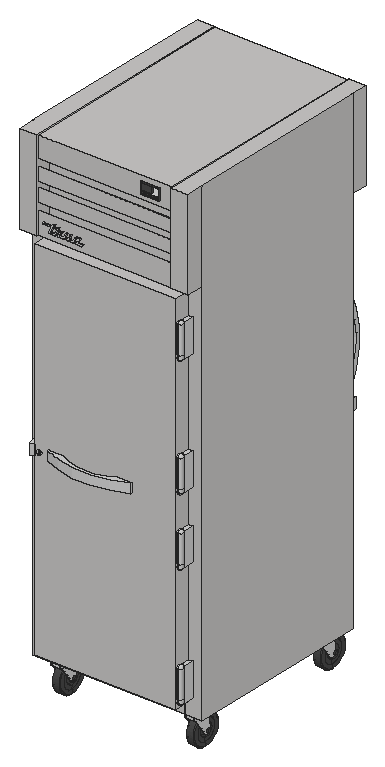
Revit family "QF_TRUE_STG1RPT-1S-1G-HC", category Specialty Equipment, Revit 2012
Parameters
  Weight in Pounds = 0
  Watts = Volts * FL Amps  # 437 W
  Volts = 115 V
  URL Manufacturer = "www.truemfg.com"
  URL Cutsheet = "www.truemfg.com"
  URL = "www.truemfg.com"
  Type Mark [instance] = ""
  Type Comments = "www.truemfg.com"
  Status [instance] = ""
  Specification by User [instance] = ""
  Specification by Manufacturer = ""
  Show Seismic Flanged [instance] = no
  Show Logo [instance] = yes
  Show Legs [instance] = no
  Show Clearance [instance] = yes
  Serial Number = ""
  Seismic Rating = ""
  Seismic Plate [instance] = and(Show Seismic Flanged, not(Show Casters))  # no
  SMACNA No = ""
  Revision Code [instance] = ""
  Phase = 1
  Omniclass Number and Title = ""
  Number of Poles [instance] = 1
  NAFEM Spec ID Number = ""
  Model = "STG1RPT-1S-1G-HC"
  Min Ckt Ampacity = 3.8 A
  Max Overcurrent Protection = 3.8 A
  MasterSpec. = ""
  Manufacturer = "TRUE FOOD SERVICE EQUIPMENT, INC."
  Length = 27 1/2"
  Legs [instance] = or(Show Legs, Show Seismic Flanged)  # no
  Item Number [instance] = ""
  Installed By [instance] = ""
  Identify Quantity as Lot [instance] = yes
  Height = 77 3/4"
  HP = "1/4"
  Furnished By [instance] = ""
  Foodservice Equipment Identifier [instance] = yes
  FL Amps = 3.8 A
  Electrical Remarks [instance] = ""
  Electric Connection Type [instance] = ""
  Elec Conn RI Height [instance] = 0"
  Elec Conn Connection Height [instance] = 0"
  Description = "PASS-THRU SOLID FRONT/GLASS REAR SWING DOORS REFRIGERATOR WITH HYDROCARBON REFRIGERANT WITH LED LIGHTING"
  Depth = 36 1/8"
  Cycle = 60 Hz
  Conn Plug = "5-15P"
  Conn Conduit = yes
  Show Casters [instance] = and(not(if(Show Legs, Show Legs, Show Legs)), not(if(Show Legs, Show Legs, Show Seismic Flanged)))  # yes
  CSI MasterFormat = ""
  CSI Master Format = ""
  Apparent Power = if(Phase = 3, Volts * FL Amps * 1.73, Volts * FL Amps)  # 437 VA
Reference planes (in)
  plane 1: z = 0
  plane 2 "LEFT": x = 0
  plane 3 "RIGHT": x = 27.5
  plane 4 "FRONT": y = -33.75
  plane 5 "TOP": z = 84.125
  plane 6: z = 6.125
  plane 7: y = -33.7042
  plane 8: y = 2.375
  plane 9: y = 4.03125
  plane 10: y = -35.40625
  plane 11: y = -56.78125
  plane 12: y = 25.40625
Forms (in)
  Extrusion 1, solid, material "QF_Finishes_Stainless Steel"
    sketch origin (0.05, 0, 0) x (1, 0, 0) y (0, 1, 0)
      loop
        line (-0.05, -0.375) -> (-0.05, -31) -> (2.80938, -31) -> (2.80938, -0.375) -> (-0.05, -0.375)
    from 6.125 to 84.125
  Extrusion 2, solid, material "QF_Finishes_Stainless Steel"
    sketch origin (50.10312, 0, 0) x (1, 0, 0) y (0, 1, 0)
      loop
        line (-25.4625, -0.375) -> (-25.4625, -31) -> (-22.60312, -31) -> (-22.60312, -0.375) -> (-25.4625, -0.375)
    from 6.125 to 84.125
  Extrusion 3, solid, material "QF_Finishes_Stainless Steel"
    sketch origin (0, 0, 0) x (0, 1, 0) y (0, 0, 1)
      loop
        line (-33.5625, 69.5) -> (-31, 69.5) -> (-31, 64.625) -> (-0.375, 64.625) -> (-0.375, 69.5) -> (2.1875, 69.5) -> (2.1875, 73.29302) -> (-0.15841, 71.625) -> (-0.15841, 72.90057) -> (2.1875, 74.56859) -> (2.1875, 76.6648) -> (-0.15841, 74.99678) -> (-0.15841, 75.95754) -> (2.1875, 77.62556) -> (2.1875, 79.75927) -> (-0.15841, 78.09125) -> (-0.15841, 79.21352) -> (2.1875, 80.88154) -> (2.1875, 84.125) -> (-33.5625, 84.125) -> (-33.5625, 80.68002) -> (-31.5, 79.21352) -> (-31.5, 78.09125) -> (-33.5625, 79.55776) -> (-33.5625, 77.42405) -> (-31.5, 75.95754) -> (-31.5, 74.99678) -> (-33.5625, 76.46328) -> (-33.5625, 74.36708) -> (-31.5, 72.90057) -> (-31.5, 71.625) -> (-33.5625, 73.09151) -> (-33.5625, 69.5)
      loop
        line (-31, 6.125) -> (-0.375, 6.125) -> (-0.375, 8.94743) -> (-31, 8.94743) -> (-31, 6.125)
    from 2.85938 to 24.64063
  Extrusion 4, solid, material "QF_Finishes_Stainless Steel"
    sketch origin (0.10531, 0, 0) x (1, 0, 0) y (0, 1, 0)
      loop
        line (27.34782, -31) -> (24.53532, -31) -> (24.53532, -33.75) -> (27.34782, -33.75) -> (27.34782, -31)
    from 69.5 to 84.125
  Extrusion 5, solid, material "QF_Finishes_Stainless Steel"
    sketch origin (-50.19421, 0, 0.25) x (1, 0, 0) y (0, 1, 0)
      loop
        line (53.05359, -31) -> (50.24109, -31) -> (50.24109, -33.75) -> (53.05359, -33.75) -> (53.05359, -31)
    from 69.25 to 83.875
  Extrusion 6, solid, material "QF_Finishes_Stainless Steel"
    sketch origin (-25.125, 0, -0.71875) x (1, 0, 0) y (0, 0, 1)
      loop
        line (50.34375, 68.6875) -> (27.40625, 68.6875) -> (27.40625, 8.75) -> (50.34375, 8.75) -> (50.34375, 68.6875)
    from 31 to 33.5625
  Extrusion 7, solid, material "QF_Finishes_Handrails and Railings"
    sketch origin (58.4375, -0.0747, 26.3692) x (1, 0, 0) y (0, 1, 0)
      loop
        line (-53.875, -33.4878) -> (-53.875, -33.7)
        arc (-53.875, -33.7) -> (-47.075, -35.33156) -> (-40.275, -33.7) r 14.98624
        line (-40.275, -33.7) -> (-40.275, -33.4878) -> (-42.65351, -33.4878)
        arc (-42.65351, -33.4878) -> (-47.075, -34.84322) -> (-51.49649, -33.4878) r 7.88937
        line (-51.49649, -33.4878) -> (-53.875, -33.4878)
    from 10.87731 to 12.37731
  Extrusion 8, solid, material "QF_Finishes_Handrails and Railings"
    sketch origin (-23.375, 0, -2.25) x (1, 0, 0) y (0, 0, 1)
      loop
        circle (26.4375, 40.0625) r 0.35
      loop
        line (26.47265, 40.33635) -> (26.41715, 40.33635) -> (26.41715, 39.76895) -> (26.47265, 39.76895) -> (26.47265, 40.33635)
    from 33.5625 to 33.625
  Extrusion 9, solid, material "QF_Finishes_Handrails and Railings", visible <- "Show Logo"
    sketch origin (0.33478, 1.08173, -6.73143) x (1, 0, 0) y (0, 0, 1)
      loop
        line (3.46044, 78.46231) -> (3.35478, 78.23573) -> (4.76027, 78.23573)
        arc (4.76027, 78.23573) -> (4.78879, 78.18528) -> (4.76027, 78.13484) r 0.05887
        line (4.76027, 78.13484) -> (4.39369, 77.34872)
        arc (4.39369, 77.34872) -> (4.39051, 77.27591) -> (4.43975, 77.22217) r 0.09523
        line (4.43975, 77.22217) -> (5.33844, 77.22217)
        arc (5.33844, 77.22217) -> (5.45192, 77.25795) -> (5.52436, 77.35235) r 0.19785
        line (5.52436, 77.35235) -> (5.81285, 77.97101) -> (6.0779, 77.97101)
        arc (6.0779, 77.97101) -> (6.14744, 77.94543) -> (6.13737, 77.87203) r 0.05911
        line (6.13737, 77.87203) -> (5.89598, 77.35437)
        arc (5.89598, 77.35437) -> (5.89974, 77.2684) -> (5.97231, 77.22217) r 0.09318
        line (5.97231, 77.22217) -> (6.76198, 77.22217)
        arc (6.76198, 77.22217) -> (6.82249, 77.24419) -> (6.85468, 77.29995) r 0.09412
        arc (6.85468, 77.29995) -> (6.87746, 77.24495) -> (6.93246, 77.22217) r 0.07778
        line (6.93246, 77.22217) -> (7.43246, 77.22217)
        arc (7.43246, 77.22217) -> (7.49022, 77.23765) -> (7.53251, 77.27993) r 0.11552
        arc (7.53251, 77.27993) -> (7.55275, 77.23106) -> (7.60162, 77.21081) r 0.06912
        line (7.60162, 77.21081) -> (8.31225, 77.21081)
        arc (8.31225, 77.21081) -> (8.37034, 77.23488) -> (8.39441, 77.29297) r 0.08216
        arc (8.39441, 77.29297) -> (8.44767, 77.23972) -> (8.52042, 77.22022) r 0.14551
        line (8.52042, 77.22022) -> (9.85158, 77.22022) -> (9.99946, 77.47634) -> (8.65678, 77.47634)
        arc (8.65678, 77.47634) -> (8.61972, 77.50204) -> (8.61834, 77.54711) r 0.05009
        line (8.61834, 77.54711) -> (8.64157, 77.59692)
        arc (8.64157, 77.59692) -> (8.67723, 77.64364) -> (8.73327, 77.66135) r 0.09747
        line (8.73327, 77.66135) -> (9.16485, 77.66135)
        arc (9.16485, 77.66135) -> (9.258, 77.68631) -> (9.32619, 77.7545) r 0.1863
        line (9.32619, 77.7545) -> (9.45119, 77.97101)
        arc (9.45119, 77.97101) -> (9.45119, 78.08657) -> (9.35111, 78.14434) r 0.11556
        line (9.35111, 78.14434) -> (8.89562, 78.14434)
        arc (8.89562, 78.14434) -> (8.7795, 78.12462) -> (8.69849, 78.03912) r 0.18605
        line (8.69849, 78.03912) -> (8.48204, 77.57493)
        arc (8.48204, 77.57493) -> (8.41815, 77.49167) -> (8.31806, 77.46011) r 0.1745
        line (8.31806, 77.46011) -> (7.84559, 77.46011)
        arc (7.84559, 77.46011) -> (7.78903, 77.52184) -> (7.79268, 77.60548) r 0.10939
        line (7.79268, 77.60548) -> (8.04395, 78.14434) -> (7.88403, 78.14434) -> (7.61781, 77.57344)
        arc (7.61781, 77.57344) -> (7.56609, 77.50603) -> (7.48505, 77.48048) r 0.14128
        line (7.48505, 77.48048) -> (7.15925, 77.48048)
        arc (7.15925, 77.48048) -> (7.10419, 77.55223) -> (7.116, 77.64189) r 0.11816
        line (7.116, 77.64189) -> (7.3503, 78.14434) -> (7.18514, 78.14434) -> (6.91546, 77.566)
        arc (6.91546, 77.566) -> (6.85285, 77.50339) -> (6.76733, 77.48048) r 0.17104
        line (6.76733, 77.48048) -> (6.29555, 77.48048)
        arc (6.29555, 77.48048) -> (6.21082, 77.51999) -> (6.20267, 77.61313) r 0.0935
        line (6.20267, 77.61313) -> (6.35774, 77.94569) -> (6.57695, 77.94569)
        arc (6.57695, 77.94569) -> (6.61395, 78.05717) -> (6.69267, 78.14434) r 0.2857
        line (6.69267, 78.14434) -> (5.83605, 78.14434)
        arc (5.83605, 78.14434) -> (5.74086, 78.12324) -> (5.67498, 78.05135) r 0.16212
        line (5.67498, 78.05135) -> (5.44279, 77.55341)
        arc (5.44279, 77.55341) -> (5.3894, 77.50002) -> (5.31647, 77.48048) r 0.14586
        line (5.31647, 77.48048) -> (4.80506, 77.48048)
        arc (4.80506, 77.48048) -> (4.76514, 77.53442) -> (4.77274, 77.60109) r 0.09155
        line (4.77274, 77.60109) -> (5.11018, 78.23573) -> (5.96155, 78.23573) -> (6.06721, 78.46231) -> (5.21584, 78.46231) -> (5.32149, 78.68888) -> (5.01862, 78.68888) -> (4.91297, 78.46231) -> (3.46044, 78.46231)
      loop
        arc (8.83805, 77.93863) -> (8.80119, 77.92875) -> (8.7742, 77.90176) r 0.07373
        line (8.7742, 77.90176) -> (8.75229, 77.83436)
        arc (8.75229, 77.83436) -> (8.76245, 77.80983) -> (8.78699, 77.79966) r 0.0347
        line (8.78699, 77.79966) -> (9.15948, 77.79966)
        arc (9.15948, 77.79966) -> (9.18632, 77.80561) -> (9.20812, 77.82234) r 0.0635
        line (9.20812, 77.82234) -> (9.22624, 77.90622)
        arc (9.22624, 77.90622) -> (9.22091, 77.92868) -> (9.20009, 77.93863) r 0.02676
        line (9.20009, 77.93863) -> (8.83805, 77.93863)
    from 34.64423 to 34.83173
  Extrusion 10, solid
    sketch origin (-25.125, 2.60721, 0) x (1, 0, 0) y (0, 0, 1)
      loop
        circle (49.375, 82) r 0.25
    from 0.23221 to 0.125
  Blend 11, solid, material "QF_Finishes_Handrails and Railings"
    base sketch origin (27.53125, 0, -0.25) x (-1, 0, 0) y (0, 0, -1)
      loop
        line (25.25, -38.99169) -> (26, -38.99169) -> (26, -37.24169) -> (25.25, -37.24169) -> (25.25, -38.99169)
    top sketch origin (27.53125, 0, -0.25) x (-1, 0, 0) y (0, 0, -1)
      loop
        line (26.18223, -36.6441) -> (25.25, -36.6441) -> (25.25, -39.42643) -> (26.18223, -39.42643) -> (26.18223, -36.6441)
    from 33.5625 to 31
  Extrusion 12, solid, material "QF_Finishes_Handrails and Railings"
    sketch origin (26.21875, 0.10979, 0) x (0, 1, 0) y (0, 0, -1)
      loop
        line (-31.10979, -64.55229) -> (-31.10979, -59.23627) -> (-33.25, -59.23627) -> (-33.25, -59.94848) -> (-32.81497, -59.94848) -> (-32.81497, -64.34776)
        arc (-32.81497, -64.34776) -> (-32.75506, -64.49238) -> (-32.61044, -64.55229) r 0.20453
        line (-32.61044, -64.55229) -> (-31.10979, -64.55229)
    from 0.17506 to 1
  Revolve 13, solid, material "QF_Finishes_Handrails and Railings"
    sketch origin (25.71875, 0.10979, 0) x (0, 1, 0) y (0, 0, -1)
      loop
        line (-33.26563, -60.00189) -> (-33.67229, -60.00189) -> (-33.67229, -64.4736)
        arc (-33.67229, -64.4736) -> (-33.53722, -64.72557) -> (-33.26563, -64.81483) r 0.3848
        line (-33.26563, -64.81483) -> (-33.26563, -60.00189)
      loop
        line (-33.26563, -59.94848) -> (-33.26563, -59.04781)
        arc (-33.26563, -59.04781) -> (-33.53264, -59.13383) -> (-33.67229, -59.37712) r 0.38884
        line (-33.67229, -59.37712) -> (-33.67229, -59.94848) -> (-33.26563, -59.94848)
      axis (-33.26563, -59.04781) -> (-33.26563, -64.81483)
    angle from 0 to 360
  Extrusion 14, solid, material "QF_Finishes_Handrails and Railings"
    sketch origin (27.53125, 0.10979, 0) x (-1, 0, 0) y (0, 0, -1)
      loop
        line (1.91491, -64.4736) -> (2.3125, -64.4736) -> (2.3125, -60.00079) -> (1.91491, -60.00079) -> (1.91491, -64.4736)
    from 32.81497 to 33.59495
  Extrusion 15, solid, material "QF_Finishes_Handrails and Railings"
    sketch origin (26.21875, 0.10979, -19.5) x (0, 1, 0) y (0, 0, -1)
      loop
        line (-31.10979, -64.55229) -> (-31.10979, -59.23627) -> (-33.25, -59.23627) -> (-33.25, -59.94848) -> (-32.81497, -59.94848) -> (-32.81497, -64.34776)
        arc (-32.81497, -64.34776) -> (-32.75506, -64.49238) -> (-32.61044, -64.55229) r 0.20453
        line (-32.61044, -64.55229) -> (-31.10979, -64.55229)
    from 0.17506 to 1
  Revolve 16, solid, material "QF_Finishes_Handrails and Railings"
    sketch origin (25.71875, 0.10979, -19.5) x (0, 1, 0) y (0, 0, -1)
      loop
        line (-33.26563, -60.00189) -> (-33.67229, -60.00189) -> (-33.67229, -64.4736)
        arc (-33.67229, -64.4736) -> (-33.53722, -64.72557) -> (-33.26563, -64.81483) r 0.3848
        line (-33.26563, -64.81483) -> (-33.26563, -60.00189)
      loop
        line (-33.26563, -59.94848) -> (-33.26563, -59.04781)
        arc (-33.26563, -59.04781) -> (-33.53264, -59.13383) -> (-33.67229, -59.37712) r 0.38884
        line (-33.67229, -59.37712) -> (-33.67229, -59.94848) -> (-33.26563, -59.94848)
      axis (-33.26563, -59.04781) -> (-33.26563, -64.81483)
    angle from 0 to 360
  Extrusion 17, solid, material "QF_Finishes_Handrails and Railings"
    sketch origin (27.53125, 0.10979, -19.5) x (-1, 0, 0) y (0, 0, -1)
      loop
        line (1.91491, -64.4736) -> (2.3125, -64.4736) -> (2.3125, -60.00079) -> (1.91491, -60.00079) -> (1.91491, -64.4736)
    from 32.81497 to 33.59495
  Extrusion 18, solid, material "QF_Finishes_Handrails and Railings"
    sketch origin (26.21875, 0.10979, -30.5) x (0, 1, 0) y (0, 0, -1)
      loop
        line (-31.10979, -64.55229) -> (-31.10979, -59.23627) -> (-33.25, -59.23627) -> (-33.25, -59.94848) -> (-32.81497, -59.94848) -> (-32.81497, -64.34776)
        arc (-32.81497, -64.34776) -> (-32.75506, -64.49238) -> (-32.61044, -64.55229) r 0.20453
        line (-32.61044, -64.55229) -> (-31.10979, -64.55229)
    from 0.17506 to 1
  Revolve 19, solid, material "QF_Finishes_Handrails and Railings"
    sketch origin (25.71875, 0.10979, -30.5) x (0, 1, 0) y (0, 0, -1)
      loop
        line (-33.26563, -60.00189) -> (-33.67229, -60.00189) -> (-33.67229, -64.4736)
        arc (-33.67229, -64.4736) -> (-33.53722, -64.72557) -> (-33.26563, -64.81483) r 0.3848
        line (-33.26563, -64.81483) -> (-33.26563, -60.00189)
      loop
        line (-33.26563, -59.94848) -> (-33.26563, -59.04781)
        arc (-33.26563, -59.04781) -> (-33.53264, -59.13383) -> (-33.67229, -59.37712) r 0.38884
        line (-33.67229, -59.37712) -> (-33.67229, -59.94848) -> (-33.26563, -59.94848)
      axis (-33.26563, -59.04781) -> (-33.26563, -64.81483)
    angle from 0 to 360
  Extrusion 20, solid, material "QF_Finishes_Handrails and Railings"
    sketch origin (27.53125, 0.10979, -30.5) x (-1, 0, 0) y (0, 0, -1)
      loop
        line (1.91491, -64.4736) -> (2.3125, -64.4736) -> (2.3125, -60.00079) -> (1.91491, -60.00079) -> (1.91491, -64.4736)
    from 32.81497 to 33.59495
  Extrusion 21, solid, material "QF_Finishes_Handrails and Railings"
    sketch origin (26.21875, 0.10979, -50.25) x (0, 1, 0) y (0, 0, -1)
      loop
        line (-31.10979, -64.55229) -> (-31.10979, -59.19743) -> (-33.25, -59.19743) -> (-33.25, -59.94848) -> (-32.81497, -59.94848) -> (-32.81497, -64.34776)
        arc (-32.81497, -64.34776) -> (-32.75506, -64.49238) -> (-32.61044, -64.55229) r 0.20453
        line (-32.61044, -64.55229) -> (-31.10979, -64.55229)
    from 0.17506 to 1
  Revolve 22, solid, material "QF_Finishes_Handrails and Railings"
    sketch origin (25.71875, 0.10979, -50.25) x (0, 1, 0) y (0, 0, -1)
      loop
        line (-33.26563, -60.00189) -> (-33.67229, -60.00189) -> (-33.67229, -64.4736)
        arc (-33.67229, -64.4736) -> (-33.53722, -64.72557) -> (-33.26563, -64.81483) r 0.3848
        line (-33.26563, -64.81483) -> (-33.26563, -60.00189)
      loop
        line (-33.26563, -59.94848) -> (-33.26563, -59.04781)
        arc (-33.26563, -59.04781) -> (-33.53264, -59.13383) -> (-33.67229, -59.37712) r 0.38884
        line (-33.67229, -59.37712) -> (-33.67229, -59.94848) -> (-33.26563, -59.94848)
      axis (-33.26563, -59.04781) -> (-33.26563, -64.81483)
    angle from 0 to 360
  Extrusion 23, solid, material "QF_Finishes_Handrails and Railings"
    sketch origin (27.53125, 0.10979, -50.25) x (-1, 0, 0) y (0, 0, -1)
      loop
        line (1.91491, -64.4736) -> (2.3125, -64.4736) -> (2.3125, -60.00079) -> (1.91491, -60.00079) -> (1.91491, -64.4736)
    from 32.81497 to 33.59495
  Revolve 24, solid, material "QF_Finishes_Black", visible <- "Show Casters"
    sketch origin (22.65625, -27.375, 0) x (1, 0, 0) y (0, 0, 1)
      loop
        line (1.475, 5) -> (1.375, 4.9) -> (1.375, 4.29941) -> (1.53601, 4.29941) -> (1.53601, 3.54941) -> (1.375, 3.54941) -> (1.375, 2.79941) -> (0.975, 2.79941) -> (0.975, 2.5) -> (3.025, 2.5) -> (3.025, 2.79941) -> (2.62908, 2.79941) -> (2.62908, 3.54941) -> (2.46399, 3.54941) -> (2.46399, 4.29941) -> (2.62908, 4.29941) -> (2.62908, 4.89592) -> (2.525, 5) -> (1.475, 5)
      axis (3.025, 2.5) -> (0.975, 2.5)
    angle from 0 to 360
  Extrusion 25, solid, material "QF_Finishes_Handrails and Railings", visible <- "Show Casters"
    sketch origin (22.65625, 0, 0) x (0, 1, 0) y (0, 0, 1)
      loop
        line (-29.95136, 5.48574) -> (-29.95136, 4.88089) -> (-29.70136, 4.88089) -> (-27.95216, 2.18736)
        arc (-27.95216, 2.18736) -> (-27.23883, 1.94868) -> (-26.84581, 2.59003) r 0.60416
        line (-26.84581, 2.59003) -> (-27.20136, 5.48574) -> (-29.95136, 5.48574)
      loop
        line (-4.45145, 5.48574) -> (-4.45145, 4.88089) -> (-4.20145, 4.88089) -> (-2.45225, 2.18736)
        arc (-2.45225, 2.18736) -> (-1.73892, 1.94868) -> (-1.3459, 2.59003) r 0.60416
        line (-1.3459, 2.59003) -> (-1.70145, 5.48574) -> (-4.45145, 5.48574)
    from 1.175 to 1.325
  Extrusion 26, solid, material "QF_Finishes_Handrails and Railings", visible <- "Show Casters"
    sketch origin (24.15625, 0, 0) x (0, 1, 0) y (0, 0, 1)
      loop
        line (-29.95136, 5.48574) -> (-29.95136, 4.88089) -> (-29.70136, 4.88089) -> (-27.95216, 2.18736)
        arc (-27.95216, 2.18736) -> (-27.23883, 1.94868) -> (-26.84581, 2.59003) r 0.60416
        line (-26.84581, 2.59003) -> (-27.20136, 5.48574) -> (-29.95136, 5.48574)
      loop
        line (-4.45145, 5.48574) -> (-4.45145, 4.88089) -> (-4.20145, 4.88089) -> (-2.45225, 2.18736)
        arc (-2.45225, 2.18736) -> (-1.73892, 1.94868) -> (-1.3459, 2.59003) r 0.60416
        line (-1.3459, 2.59003) -> (-1.70145, 5.48574) -> (-4.45145, 5.48574)
    from 1.175 to 1.325
  Revolve 27, solid, material "QF_Finishes_Chrome - Satin", visible <- "Show Casters"
    sketch origin (22.65625, -28.5625, -0.5) x (1, 0, 0) y (0, 0, 1)
      loop
        line (2, 5.99546) -> (2, 6.62359) -> (0.70293, 6.62359) -> (0.70293, 5.99546) -> (2, 5.99546)
      axis (2, 5.99546) -> (2, 6.62359)
    angle from 0 to 360
  Revolve 28, solid, material "QF_Finishes_Chrome - Satin", visible <- "Legs"
    sketch origin (22.65625, -2.69102, 0) x (1, 0, 0) y (0, 0, 1)
      loop
        line (2, 6.125) -> (0.66662, 6.125) -> (1.25, 1) -> (1.5, 1) -> (1.5, 0) -> (2, 0) -> (2, 6.125)
      axis (2, 0) -> (2, 6.125)
    angle from 0 to 360
  Revolve 29, solid, material "QF_Finishes_Chrome - Satin", visible <- "Legs"
    sketch origin (22.65625, -28.65977, 0) x (1, 0, 0) y (0, 0, 1)
      loop
        line (2, 6.125) -> (0.66662, 6.125) -> (1.25, 1) -> (1.5, 1) -> (1.5, 0) -> (2, 0) -> (2, 6.125)
      axis (2, 0) -> (2, 6.125)
    angle from 0 to 360
  Revolve 30, solid, material "QF_Finishes_Chrome - Satin", visible <- "Show Casters"
    sketch origin (22.65625, -2.70321, -0.5) x (1, 0, 0) y (0, 0, 1)
      loop
        line (2, 5.99546) -> (2, 6.62359) -> (0.70293, 6.62359) -> (0.70293, 5.99546) -> (2, 5.99546)
      axis (2, 5.99546) -> (2, 6.62359)
    angle from 0 to 360
  Extrusion 31, solid, material "QF_Finishes_Handrails and Railings", visible <- "Show Casters"
    sketch origin (-25.125, 0, 0) x (0, 1, 0) y (0, 0, 1)
      loop
        line (-29.95136, 5.48574) -> (-29.95136, 4.88089) -> (-29.70136, 4.88089) -> (-27.16533, 5.19227) -> (-27.20136, 5.48574) -> (-29.95136, 5.48574)
      loop
        line (-4.45145, 5.48574) -> (-4.45145, 4.88089) -> (-4.20145, 4.88089) -> (-1.66542, 5.19227) -> (-1.70145, 5.48574) -> (-4.45145, 5.48574)
    from 49.10625 to 50.45625
  Revolve 32, solid, material "QF_Finishes_Black", visible <- "Show Casters"
    sketch origin (0.84375, -27.375, 0) x (1, 0, 0) y (0, 0, 1)
      loop
        line (1.475, 5) -> (1.375, 4.9) -> (1.375, 4.29941) -> (1.53601, 4.29941) -> (1.53601, 3.54941) -> (1.375, 3.54941) -> (1.375, 2.79941) -> (0.975, 2.79941) -> (0.975, 2.5) -> (3.025, 2.5) -> (3.025, 2.79941) -> (2.62908, 2.79941) -> (2.62908, 3.54941) -> (2.46399, 3.54941) -> (2.46399, 4.29941) -> (2.62908, 4.29941) -> (2.62908, 4.89592) -> (2.525, 5) -> (1.475, 5)
      axis (3.025, 2.5) -> (0.975, 2.5)
    angle from 0 to 360
  Extrusion 33, solid, material "QF_Finishes_Handrails and Railings", visible <- "Show Casters"
    sketch origin (0.84375, 0, 0) x (0, 1, 0) y (0, 0, 1)
      loop
        line (-29.95136, 5.48574) -> (-29.95136, 4.88089) -> (-29.70136, 4.88089) -> (-27.95216, 2.18736)
        arc (-27.95216, 2.18736) -> (-27.23883, 1.94868) -> (-26.84581, 2.59003) r 0.60416
        line (-26.84581, 2.59003) -> (-27.20136, 5.48574) -> (-29.95136, 5.48574)
      loop
        line (-4.45145, 5.48574) -> (-4.45145, 4.88089) -> (-4.20145, 4.88089) -> (-2.45225, 2.18736)
        arc (-2.45225, 2.18736) -> (-1.73892, 1.94868) -> (-1.3459, 2.59003) r 0.60416
        line (-1.3459, 2.59003) -> (-1.70145, 5.48574) -> (-4.45145, 5.48574)
    from 1.175 to 1.325
  Extrusion 34, solid, material "QF_Finishes_Handrails and Railings", visible <- "Show Casters"
    sketch origin (2.34375, 0, 0) x (0, 1, 0) y (0, 0, 1)
      loop
        line (-29.95136, 5.48574) -> (-29.95136, 4.88089) -> (-29.70136, 4.88089) -> (-27.95216, 2.18736)
        arc (-27.95216, 2.18736) -> (-27.23883, 1.94868) -> (-26.84581, 2.59003) r 0.60416
        line (-26.84581, 2.59003) -> (-27.20136, 5.48574) -> (-29.95136, 5.48574)
      loop
        line (-4.45145, 5.48574) -> (-4.45145, 4.88089) -> (-4.20145, 4.88089) -> (-2.45225, 2.18736)
        arc (-2.45225, 2.18736) -> (-1.73892, 1.94868) -> (-1.3459, 2.59003) r 0.60416
        line (-1.3459, 2.59003) -> (-1.70145, 5.48574) -> (-4.45145, 5.48574)
    from 1.175 to 1.325
  Revolve 35, solid, material "QF_Finishes_Chrome - Satin", visible <- "Show Casters"
    sketch origin (0.84375, -28.5625, -0.5) x (1, 0, 0) y (0, 0, 1)
      loop
        line (2, 5.99546) -> (2, 6.62359) -> (0.70293, 6.62359) -> (0.70293, 5.99546) -> (2, 5.99546)
      axis (2, 5.99546) -> (2, 6.62359)
    angle from 0 to 360
  Revolve 36, solid, material "QF_Finishes_Chrome - Satin", visible <- "Legs"
    sketch origin (0.84375, -2.69102, 0) x (1, 0, 0) y (0, 0, 1)
      loop
        line (2, 6.125) -> (0.66662, 6.125) -> (1.25, 1) -> (1.5, 1) -> (1.5, 0) -> (2, 0) -> (2, 6.125)
      axis (2, 0) -> (2, 6.125)
    angle from 0 to 360
  Revolve 37, solid, material "QF_Finishes_Chrome - Satin", visible <- "Legs"
    sketch origin (0.84375, -28.65977, 0) x (1, 0, 0) y (0, 0, 1)
      loop
        line (2, 6.125) -> (0.66662, 6.125) -> (1.25, 1) -> (1.5, 1) -> (1.5, 0) -> (2, 0) -> (2, 6.125)
      axis (2, 0) -> (2, 6.125)
    angle from 0 to 360
  Revolve 38, solid, material "QF_Finishes_Chrome - Satin", visible <- "Show Casters"
    sketch origin (0.84375, -2.70321, -0.5) x (1, 0, 0) y (0, 0, 1)
      loop
        line (2, 5.99546) -> (2, 6.62359) -> (0.70293, 6.62359) -> (0.70293, 5.99546) -> (2, 5.99546)
      axis (2, 5.99546) -> (2, 6.62359)
    angle from 0 to 360
  Extrusion 39, solid, material "QF_Finishes_Handrails and Railings", visible <- "Show Casters"
    sketch origin (-46.9375, 0, 0) x (0, 1, 0) y (0, 0, 1)
      loop
        line (-29.95136, 5.48574) -> (-29.95136, 4.88089) -> (-29.70136, 4.88089) -> (-27.16533, 5.19227) -> (-27.20136, 5.48574) -> (-29.95136, 5.48574)
      loop
        line (-4.45145, 5.48574) -> (-4.45145, 4.88089) -> (-4.20145, 4.88089) -> (-1.66542, 5.19227) -> (-1.70145, 5.48574) -> (-4.45145, 5.48574)
    from 49.10625 to 50.45625
  Extrusion 40, solid, material "QF_Finishes_Stainless Steel"
    sketch origin (-25.125, -31.7042, -0.71875) x (1, 0, 0) y (0, 0, -1)
      loop
        line (27.40625, -68.6875) -> (50.34375, -68.6875) -> (50.34375, -8.75) -> (27.40625, -8.75) -> (27.40625, -68.6875)
      loop
        line (30.75, -12.09375) -> (30.75, -65.34375) -> (47, -65.34375) -> (47, -12.09375) -> (30.75, -12.09375)
    from 31.3292 to 33.8917
  Extrusion 41, solid, material "Glass"
    sketch origin (-25.125, -31.7042, -0.71875) x (1, 0, 0) y (0, 0, -1)
      loop
        line (47, -12.09375) -> (30.75, -12.09375) -> (30.75, -65.34375) -> (47, -65.34375) -> (47, -12.09375)
    from 31.3292 to 33.8917
  Extrusion 42, solid, material "QF_Finishes_Stainless Steel"
    sketch origin (0.10531, -31.3292, 0) x (1, 0, 0) y (0, 1, 0)
      loop
        line (27.34782, 30.9542) -> (27.34782, 33.7042) -> (24.53532, 33.7042) -> (24.53532, 30.9542) -> (27.34782, 30.9542)
    from 69.5 to 84.125
  Extrusion 43, solid, material "QF_Finishes_Stainless Steel"
    sketch origin (-50.19421, -31.3292, 0.25) x (1, 0, 0) y (0, 1, 0)
      loop
        line (53.05359, 30.625) -> (53.05359, 33.7042) -> (50.24109, 33.7042) -> (50.24109, 30.625) -> (53.05359, 30.625)
    from 69.25 to 83.875
  Extrusion 44, solid, material "QF_Finishes_Handrails and Railings"
    sketch origin (1.28125, -31.10979, 0) x (0, -1, 0) y (0, 0, -1)
      loop
        line (-30.73479, -64.55229) -> (-30.73479, -59.23627) -> (-32.875, -59.23627) -> (-32.875, -59.94848) -> (-32.43997, -59.94848) -> (-32.43997, -64.34776)
        arc (-32.43997, -64.34776) -> (-32.38006, -64.49238) -> (-32.23544, -64.55229) r 0.20453
        line (-32.23544, -64.55229) -> (-30.73479, -64.55229)
    from 0.17506 to 1
  Revolve 45, solid, material "QF_Finishes_Handrails and Railings"
    sketch origin (1.78125, -31.10979, 0) x (0, -1, 0) y (0, 0, -1)
      loop
        line (-32.89063, -60.00189) -> (-33.29729, -60.00189) -> (-33.29729, -64.4736)
        arc (-33.29729, -64.4736) -> (-33.16222, -64.72557) -> (-32.89063, -64.81483) r 0.3848
        line (-32.89063, -64.81483) -> (-32.89063, -60.00189)
      loop
        line (-32.89063, -59.94848) -> (-32.89063, -59.04781)
        arc (-32.89063, -59.04781) -> (-33.15764, -59.13383) -> (-33.29729, -59.37712) r 0.38884
        line (-33.29729, -59.37712) -> (-33.29729, -59.94848) -> (-32.89063, -59.94848)
      axis (-32.89063, -59.04781) -> (-32.89063, -64.81483)
    angle from 0 to 360
  Extrusion 46, solid, material "QF_Finishes_Handrails and Railings"
    sketch origin (-0.03125, -31.40745, 0) x (1, 0, 0) y (0, 0, -1)
      loop
        line (1.91491, -64.4736) -> (2.3125, -64.4736) -> (2.3125, -60.00079) -> (1.91491, -60.00079) -> (1.91491, -64.4736)
    from 32.81497 to 33.59495
  Extrusion 47, solid, material "QF_Finishes_Handrails and Railings"
    sketch origin (1.28125, -31.10979, -19.5) x (0, -1, 0) y (0, 0, -1)
      loop
        line (-30.73479, -64.55229) -> (-30.73479, -59.23627) -> (-32.875, -59.23627) -> (-32.875, -59.94848) -> (-32.43997, -59.94848) -> (-32.43997, -64.34776)
        arc (-32.43997, -64.34776) -> (-32.38006, -64.49238) -> (-32.23544, -64.55229) r 0.20453
        line (-32.23544, -64.55229) -> (-30.73479, -64.55229)
    from 0.17506 to 1
  Revolve 48, solid, material "QF_Finishes_Handrails and Railings"
    sketch origin (1.78125, -31.10979, -19.5) x (0, -1, 0) y (0, 0, -1)
      loop
        line (-32.89063, -60.00189) -> (-33.29729, -60.00189) -> (-33.29729, -64.4736)
        arc (-33.29729, -64.4736) -> (-33.16222, -64.72557) -> (-32.89063, -64.81483) r 0.3848
        line (-32.89063, -64.81483) -> (-32.89063, -60.00189)
      loop
        line (-32.89063, -59.94848) -> (-32.89063, -59.04781)
        arc (-32.89063, -59.04781) -> (-33.15764, -59.13383) -> (-33.29729, -59.37712) r 0.38884
        line (-33.29729, -59.37712) -> (-33.29729, -59.94848) -> (-32.89063, -59.94848)
      axis (-32.89063, -59.04781) -> (-32.89063, -64.81483)
    angle from 0 to 360
  Extrusion 49, solid, material "QF_Finishes_Handrails and Railings"
    sketch origin (-0.03125, -31.40745, -19.5) x (1, 0, 0) y (0, 0, -1)
      loop
        line (1.91491, -64.4736) -> (2.3125, -64.4736) -> (2.3125, -60.00079) -> (1.91491, -60.00079) -> (1.91491, -64.4736)
    from 32.81497 to 33.59495
  Extrusion 50, solid, material "QF_Finishes_Handrails and Railings"
    sketch origin (1.28125, -31.10979, -30.5) x (0, -1, 0) y (0, 0, -1)
      loop
        line (-30.73479, -64.55229) -> (-30.73479, -59.23627) -> (-32.875, -59.23627) -> (-32.875, -59.94848) -> (-32.43997, -59.94848) -> (-32.43997, -64.34776)
        arc (-32.43997, -64.34776) -> (-32.38006, -64.49238) -> (-32.23544, -64.55229) r 0.20453
        line (-32.23544, -64.55229) -> (-30.73479, -64.55229)
    from 0.17506 to 1
  Revolve 51, solid, material "QF_Finishes_Handrails and Railings"
    sketch origin (1.78125, -31.10979, -30.5) x (0, -1, 0) y (0, 0, -1)
      loop
        line (-32.89063, -60.00189) -> (-33.29729, -60.00189) -> (-33.29729, -64.4736)
        arc (-33.29729, -64.4736) -> (-33.16222, -64.72557) -> (-32.89063, -64.81483) r 0.3848
        line (-32.89063, -64.81483) -> (-32.89063, -60.00189)
      loop
        line (-32.89063, -59.94848) -> (-32.89063, -59.04781)
        arc (-32.89063, -59.04781) -> (-33.15764, -59.13383) -> (-33.29729, -59.37712) r 0.38884
        line (-33.29729, -59.37712) -> (-33.29729, -59.94848) -> (-32.89063, -59.94848)
      axis (-32.89063, -59.04781) -> (-32.89063, -64.81483)
    angle from 0 to 360
  Extrusion 52, solid, material "QF_Finishes_Handrails and Railings"
    sketch origin (-0.03125, -31.40745, -30.5) x (1, 0, 0) y (0, 0, -1)
      loop
        line (1.91491, -64.4736) -> (2.3125, -64.4736) -> (2.3125, -60.00079) -> (1.91491, -60.00079) -> (1.91491, -64.4736)
    from 32.81497 to 33.59495
  Extrusion 53, solid, material "QF_Finishes_Handrails and Railings"
    sketch origin (1.28125, -31.10979, -50.25) x (0, -1, 0) y (0, 0, -1)
      loop
        line (-30.73479, -64.55229) -> (-30.73479, -59.23627) -> (-32.875, -59.23627) -> (-32.875, -59.94848) -> (-32.43997, -59.94848) -> (-32.43997, -64.34776)
        arc (-32.43997, -64.34776) -> (-32.38006, -64.49238) -> (-32.23544, -64.55229) r 0.20453
        line (-32.23544, -64.55229) -> (-30.73479, -64.55229)
    from 0.17506 to 1
  Revolve 54, solid, material "QF_Finishes_Handrails and Railings"
    sketch origin (1.78125, -31.10979, -50.25) x (0, -1, 0) y (0, 0, -1)
      loop
        line (-32.89063, -60.00189) -> (-33.29729, -60.00189) -> (-33.29729, -64.4736)
        arc (-33.29729, -64.4736) -> (-33.16222, -64.72557) -> (-32.89063, -64.81483) r 0.3848
        line (-32.89063, -64.81483) -> (-32.89063, -60.00189)
      loop
        line (-32.89063, -59.94848) -> (-32.89063, -59.04781)
        arc (-32.89063, -59.04781) -> (-33.15764, -59.13383) -> (-33.29729, -59.37712) r 0.38884
        line (-33.29729, -59.37712) -> (-33.29729, -59.94848) -> (-32.89063, -59.94848)
      axis (-32.89063, -59.04781) -> (-32.89063, -64.81483)
    angle from 0 to 360
  Extrusion 55, solid, material "QF_Finishes_Handrails and Railings"
    sketch origin (-0.03125, -31.40745, -50.25) x (1, 0, 0) y (0, 0, -1)
      loop
        line (1.91491, -64.4736) -> (2.3125, -64.4736) -> (2.3125, -60.00079) -> (1.91491, -60.00079) -> (1.91491, -64.4736)
    from 32.81497 to 33.59495
  Extrusion 56, solid, material "QF_Finishes_Handrails and Railings"
    sketch origin (35.93981, -31.30037, 93.525) x (0, -1, 0) y (0, 0, 1)
      loop
        line (-33.48787, -54.775) -> (-33.48787, -52.39885)
        arc (-33.48787, -52.39885) -> (-34.83022, -47.525) -> (-33.48787, -42.65115) r 9.51924
        line (-33.48787, -42.65115) -> (-33.48787, -40.275) -> (-33.7, -40.275)
        arc (-33.7, -40.275) -> (-35.33163, -47.525) -> (-33.7, -54.775) r 16.92322
        line (-33.7, -54.775) -> (-33.48787, -54.775)
    from 10.87731 to 12.37731
  Extrusion 57, solid, material "QF_Finishes_Handrails and Railings"
    sketch origin (-25.125, 2.1875, -0.71875) x (1, 0, 0) y (0, 0, -1)
      loop
        circle (49.53125, -38.09375) r 0.35
      loop
        line (49.4961, -38.36761) -> (49.5516, -38.36761) -> (49.5516, -37.8002) -> (49.4961, -37.8002) -> (49.4961, -38.36761)
    from 0 to 0.0625
  Blend 58, solid, material "QF_Finishes_Handrails and Railings"
    base sketch origin (-0.03125, -31.375, -0.6875) x (1, 0, 0) y (0, 0, -1)
      loop
        line (25.25, -38.99169) -> (26, -38.99169) -> (26, -37.24169) -> (25.25, -37.24169) -> (25.25, -38.99169)
    top sketch origin (-0.03125, -31.375, -0.6875) x (1, 0, 0) y (0, 0, -1)
      loop
        line (26.18223, -36.6441) -> (25.25, -36.6441) -> (25.25, -39.42643) -> (26.18223, -39.42643) -> (26.18223, -36.6441)
    from 33.5625 to 31
  Extrusion 59, solid, material "QF_Finishes_White"
    sketch origin (-23.16691, 1.06376, 1.58022) x (1, 0, 0) y (0, 0, 1)
      loop
        line (42.91107, 81.73227) -> (42.91107, 79.98496) -> (45.81732, 79.98496) -> (45.81732, 81.73227) -> (42.91107, 81.73227)
    from 34.62626 to 34.72001
  Extrusion 60, solid, material "QF_Finishes_Black"
    sketch origin (-23.16691, 1.06376, 1.58022) x (1, 0, 0) y (0, 0, 1)
      loop
        line (45.87982, 81.79477) -> (42.84857, 81.79477) -> (42.84857, 79.92246) -> (45.87982, 79.92246) -> (45.87982, 81.79477)
      loop
        spline (43.04857, 80.25372) -> (43.05708, 80.23754) -> (43.08206, 80.22247) -> (43.12179, 80.20952) -> (43.17357, 80.19959) -> (43.23386, 80.19335) -> (43.29857, 80.19122) -> (43.36327, 80.19335) -> (43.42357, 80.19959) -> (43.47534, 80.20952) -> (43.51507, 80.22247) -> (43.54005, 80.23754) -> (43.54857, 80.25372)
        spline (43.54857, 80.25372) -> (43.54005, 80.26989) -> (43.51507, 80.28497) -> (43.47534, 80.29791) -> (43.42357, 80.30784) -> (43.36327, 80.31409) -> (43.29857, 80.31622) -> (43.23386, 80.31409) -> (43.17357, 80.30784) -> (43.12179, 80.29791) -> (43.08206, 80.28497) -> (43.05708, 80.26989) -> (43.04857, 80.25372)
      loop
        spline (43.74458, 80.25372) -> (43.7531, 80.23754) -> (43.77807, 80.22247) -> (43.8178, 80.20952) -> (43.86958, 80.19959) -> (43.92987, 80.19335) -> (43.99458, 80.19122) -> (44.05928, 80.19335) -> (44.11958, 80.19959) -> (44.17136, 80.20952) -> (44.21109, 80.22247) -> (44.23606, 80.23754) -> (44.24458, 80.25372)
        spline (44.24458, 80.25372) -> (44.23606, 80.26989) -> (44.21109, 80.28497) -> (44.17136, 80.29791) -> (44.11958, 80.30784) -> (44.05928, 80.31409) -> (43.99458, 80.31622) -> (43.92987, 80.31409) -> (43.86958, 80.30784) -> (43.8178, 80.29791) -> (43.77807, 80.28497) -> (43.7531, 80.26989) -> (43.74458, 80.25372)
      loop
        spline (44.49458, 80.25372) -> (44.5031, 80.23754) -> (44.52807, 80.22247) -> (44.5678, 80.20952) -> (44.61958, 80.19959) -> (44.67987, 80.19335) -> (44.74458, 80.19122) -> (44.80928, 80.19335) -> (44.86958, 80.19959) -> (44.92136, 80.20952) -> (44.96109, 80.22247) -> (44.98606, 80.23754) -> (44.99458, 80.25372)
        spline (44.99458, 80.25372) -> (44.98606, 80.26989) -> (44.96109, 80.28497) -> (44.92136, 80.29791) -> (44.86958, 80.30784) -> (44.80928, 80.31409) -> (44.74458, 80.31622) -> (44.67987, 80.31409) -> (44.61958, 80.30784) -> (44.5678, 80.29791) -> (44.52807, 80.28497) -> (44.5031, 80.26989) -> (44.49458, 80.25372)
      loop
        line (43.04856, 81.59478) -> (43.04856, 80.59478) -> (44.74808, 80.59478) -> (44.74808, 81.59478) -> (43.04856, 81.59478)
      loop
        line (45.81732, 81.73227) -> (42.91107, 81.73227) -> (42.91107, 79.98496) -> (45.81732, 79.98496) -> (45.81732, 81.73227)
      loop
        spline (45.24458, 80.25372) -> (45.2531, 80.23754) -> (45.27807, 80.22247) -> (45.3178, 80.20952) -> (45.36958, 80.19959) -> (45.42987, 80.19335) -> (45.49458, 80.19122) -> (45.55928, 80.19335) -> (45.61958, 80.19959) -> (45.67136, 80.20952) -> (45.71109, 80.22247) -> (45.73606, 80.23754) -> (45.74458, 80.25372)
        spline (45.74458, 80.25372) -> (45.73606, 80.26989) -> (45.71109, 80.28497) -> (45.67136, 80.29791) -> (45.61958, 80.30784) -> (45.55928, 80.31409) -> (45.49458, 80.31622) -> (45.42987, 80.31409) -> (45.36958, 80.30784) -> (45.3178, 80.29791) -> (45.27807, 80.28497) -> (45.2531, 80.26989) -> (45.24458, 80.25372)
    from 34.62626 to 34.81376
  Revolve 61, solid, material "QF_Finishes_Black", visible <- "Show Casters"
    sketch origin (22.65625, -1.50009, 0) x (1, 0, 0) y (0, 0, 1)
      loop
        line (1.475, 5) -> (1.375, 4.9) -> (1.375, 4.29941) -> (1.53601, 4.29941) -> (1.53601, 3.54941) -> (1.375, 3.54941) -> (1.375, 2.79941) -> (0.975, 2.79941) -> (0.975, 2.5) -> (3.025, 2.5) -> (3.025, 2.79941) -> (2.62908, 2.79941) -> (2.62908, 3.54941) -> (2.46399, 3.54941) -> (2.46399, 4.29941) -> (2.62908, 4.29941) -> (2.62908, 4.89592) -> (2.525, 5) -> (1.475, 5)
      axis (3.025, 2.5) -> (0.975, 2.5)
    angle from 0 to 360
  Revolve 62, solid, material "QF_Finishes_Black", visible <- "Show Casters"
    sketch origin (0.84375, -1.50009, 0) x (1, 0, 0) y (0, 0, 1)
      loop
        line (1.475, 5) -> (1.375, 4.9) -> (1.375, 4.29941) -> (1.53601, 4.29941) -> (1.53601, 3.54941) -> (1.375, 3.54941) -> (1.375, 2.79941) -> (0.975, 2.79941) -> (0.975, 2.5) -> (3.025, 2.5) -> (3.025, 2.79941) -> (2.62908, 2.79941) -> (2.62908, 3.54941) -> (2.46399, 3.54941) -> (2.46399, 4.29941) -> (2.62908, 4.29941) -> (2.62908, 4.89592) -> (2.525, 5) -> (1.475, 5)
      axis (3.025, 2.5) -> (0.975, 2.5)
    angle from 0 to 360
  Extrusion 63, solid, material "QF_Door-Drawer Clearances", visible <- "Show Clearance", detail levels coarse
    sketch origin (26.42841, -3.60924, 0) x (1, 0, 0) y (0, 1, 0)
      loop
        line (-1.20966, -29.95326) -> (-24.14724, -29.95326)
        arc (-24.14724, -29.95326) -> (-17.4576, -46.28392) -> (-1.20966, -53.17201) r 23.17982
        line (-1.20966, -53.17201) -> (-1.20966, -29.95326)
      loop
        line (-24.14716, 5.79674) -> (-1.20958, 5.79674)
        arc (-1.20958, 5.79674) -> (-7.90171, 22.12493) -> (-24.14716, 29.01549) r 23.1884
        line (-24.14716, 29.01549) -> (-24.14716, 5.79674)
    from 8.03125 to 67.96875
  Extrusion 64, solid, material "QF_Finishes_Chrome - Satin", visible <- "Seismic Plate"
    sketch origin (-0.22541, -26.86834, 0) x (1, 0, 0) y (0, 1, 0)
      loop
        circle (3.06916, -1.69416) r 1.5
    from 0 to 0.25
  Extrusion 65, solid, material "QF_Finishes_Chrome - Satin", visible <- "Seismic Plate"
    sketch origin (-0.22541, -0.99687, 0) x (1, 0, 0) y (0, 1, 0)
      loop
        circle (3.06916, -1.69416) r 1.5
    from 0 to 0.25
  Extrusion 66, solid, material "QF_Finishes_Chrome - Satin", visible <- "Seismic Plate"
    sketch origin (21.49334, -0.99687, 0) x (1, 0, 0) y (0, 1, 0)
      loop
        circle (3.16291, -1.69416) r 1.5
    from 0 to 0.25
  Extrusion 67, solid, material "QF_Finishes_Chrome - Satin", visible <- "Seismic Plate"
    sketch origin (21.49334, -26.86834, 0) x (1, 0, 0) y (0, 1, 0)
      loop
        circle (3.16291, -1.69416) r 1.5
    from 0 to 0.25
Cuts and joins
  joined: Extrusion 1, Extrusion 2, Extrusion 4, Extrusion 5, Extrusion 42, Extrusion 43
Lines and regions (in)
  symbolic lines
    curve 1: line (0, -0.375, 0) -> (27.5, -0.375, 0)
    curve 2: line (0, -33.5625, 0) -> (0, 2.375, 0)
    curve 3: line (27.5, -33.5625, 0) -> (0, -33.5625, 0)
    curve 4: line (27.5, 2.375, 0) -> (27.5, -33.5625, 0)
    curve 5: line (27.5, -31, 0) -> (0, -31, 0)
    curve 23: line (23.5625, 2.5625, 0) -> (23.5625, 4.03125, 0)
    curve 24: line (23.5625, 4.03125, 0) -> (25.0625, 4.03125, 0)
    curve 25: line (25.0625, 4.03125, 0) -> (25.0625, 2.375, 0)
    curve 27: line (0, 2.375, 0) -> (27.5, 2.375, 0)
    curve 28: line (3.68957, -33.5625, 0) -> (3.68957, -33.75, 0)
    curve 29: line (3.68957, -33.75, 0) -> (10.33424, -33.75, 0)
    curve 30: line (10.33424, -33.75, 0) -> (10.33424, -33.5625, 0)
    curve 31: line (19.68165, -33.5625, 0) -> (19.68165, -33.75, 0)
    curve 32: line (19.68165, -33.75, 0) -> (22.7129, -33.75, 0)
    curve 33: line (22.7129, -33.75, 0) -> (22.7129, -33.5625, 0)
    curve 34: arc (4.51422, -33.75, 0) -> (11.33538, -35.40623, 0) -> (18.1625, -33.7747, 0) r 14.98624
    curve 35: arc (15.78399, -33.5625, 0) -> (11.53542, -34.91602, 0) -> (7.23162, -33.75, 0) r 7.88937
    curve 36: line (18.1625, -33.7747, 0) -> (18.1625, -33.5625, 0)
    curve 37: line (23.81043, 2.375, 0) -> (23.81043, 2.5625, 0)
    curve 38: line (23.81043, 2.5625, 0) -> (17.16576, 2.5625, 0)
    curve 39: line (17.16576, 2.5625, 0) -> (17.16576, 2.375, 0)
  symbolic lines, style "SpecialityEquipmentHiddenLines", visible <- "Show Casters"
    curve 6: line (3.91409, -24.76035, 0) -> (5.00001, -25.3873, 0)
    curve 7: line (1.41409, -29.09048, 0) -> (3.91409, -24.76035, 0)
    curve 8: line (2.50001, -29.71743, 0) -> (1.41409, -29.09048, 0)
    curve 9: line (5.00001, -25.3873, 0) -> (2.50001, -29.71743, 0)
    curve 10: line (3.91409, -0.76035, 0) -> (5.00001, -1.3873, 0)
    curve 11: line (1.41409, -5.09048, 0) -> (3.91409, -0.76035, 0)
    curve 12: line (2.50001, -5.71743, 0) -> (1.41409, -5.09048, 0)
    curve 13: line (5.00001, -1.3873, 0) -> (2.50001, -5.71743, 0)
    curve 14: line (24.82156, -0.76035, 0) -> (25.90747, -1.3873, 0)
    curve 15: line (22.32156, -5.09048, 0) -> (24.82156, -0.76035, 0)
    curve 16: line (23.40747, -5.71743, 0) -> (22.32156, -5.09048, 0)
    curve 17: line (25.90747, -1.3873, 0) -> (23.40747, -5.71743, 0)
    curve 18: line (24.82156, -24.86443, 0) -> (25.90747, -25.49138, 0)
    curve 19: line (22.32156, -29.19455, 0) -> (24.82156, -24.86443, 0)
    curve 20: line (23.40747, -29.82151, 0) -> (22.32156, -29.19455, 0)
    curve 21: line (25.90747, -25.49138, 0) -> (23.40747, -29.82151, 0)
  symbolic lines, style "QF_Door-Drawer Clearances"
    curve 22: line (25.21875, -33.5625, 0) -> (5.31336, -45.04722, 0)
    curve 26: line (2.28125, 2.375, 0) -> (22.09282, 13.83456, 0)
    curve 40: arc (5.31336, -45.04722, 0) -> (3.04127, -39.50446, 0) -> (2.28117, -33.5625, 0) r 22.94703
    curve 41: arc (22.09282, 13.83456, 0) -> (24.41013, 8.31055, 0) -> (25.21875, 2.375, 0) r 22.94703
Dimensions and locks (in)
  plane 6 to level = 6 1/8"
  plane 5 "TOP" to level = 84 1/8"
  plane 5 "TOP" to plane 6 = 78"
  "Length": plane 2 "LEFT" to plane 3 "RIGHT"
  "Depth": plane 4 "FRONT" to plane 8
  plane 3 "RIGHT" to plane 2 "LEFT" = 27 1/2"
  cut or joined group of Extrusion 1, Extrusion 2, Extrusion 4, Extrusion 5, Extrusion 42, Extrusion 43 to cut or joined group of Extrusion 1, Extrusion 2, Extrusion 4, Extrusion 5, Extrusion 42, Extrusion 43 = 2 13/16"  (x2)
  Extrusion 6 to plane 2 "LEFT" = 2 9/32"
  plane 3 "RIGHT" to Extrusion 6 = 2 9/32"
  Extrusion 6 to plane 6 = 1 29/32"
  Extrusion 3 to Extrusion 6 = 1 17/32"
  Extrusion 6 to Extrusion 56 = 14 23/32"
  Extrusion 56 to Extrusion 57 = 1 3/8"
  Extrusion 6 to Extrusion 6 = 22 15/16"
  cut or joined group of Extrusion 1, Extrusion 2, Extrusion 4, Extrusion 5, Extrusion 42, Extrusion 43 to cut or joined group of Extrusion 1, Extrusion 2, Extrusion 4, Extrusion 5, Extrusion 42, Extrusion 43 = 27 13/32"
  Extrusion 6 to Extrusion 7 = 29.22224"
  Extrusion 7 to Extrusion 6 = 29.21526"
  plane 4 "FRONT" to plane 8 = 36 1/8"
  cut or joined group of Extrusion 1, Extrusion 2, Extrusion 4, Extrusion 5, Extrusion 42, Extrusion 43 to cut or joined group of Extrusion 1, Extrusion 2, Extrusion 4, Extrusion 5, Extrusion 42, Extrusion 43 = 30 5/8"  (x2)
  plane 8 to plane 4 "FRONT" = 36 1/8"
  plane 9 to plane 10 = 39 7/16"
  plane 11 to plane 4 "FRONT" = 23 1/32"
  plane 8 to plane 12 = 23 1/32"
  aligned and locked: level to plane 1
  aligned and locked: Extrusion 3 to cut or joined group of Extrusion 1, Extrusion 2, Extrusion 4, Extrusion 5, Extrusion 42, Extrusion 43
Automatic sketch dimensions
  Extrusion 2 sketch curve to plane 3 "RIGHT" = 0"
  Extrusion 2 sketch curve to plane 3 "RIGHT" = 2 55/64"
  Extrusion 2 sketch curve to plane 4 "FRONT" = 2 3/4"
  plane 8 to Extrusion 2 sketch curve = 2 3/4"
  Extrusion 3 sketch curve to plane 5 "TOP" = 0"
  plane 7 to Extrusion 3 sketch curve = 0.1417"  (x4)
  plane 7 to Extrusion 3 sketch curve = 2.2042"
  Extrusion 3 sketch curve to Extrusion 3 sketch curve = 0"  (x3)
  Extrusion 3 sketch curve to plane 6 = 0"
  plane 7 to Extrusion 3 sketch curve = 2.7042"
  Extrusion 3 sketch curve to Extrusion 3 sketch curve = 1/2"
  plane 8 to Extrusion 3 sketch curve = 2 3/4"  (x2)
  plane 8 to Extrusion 3 sketch curve = 2.53341"  (x2)
  plane 8 to Extrusion 3 sketch curve = 3/16"  (x4)
  plane 6 to Extrusion 3 sketch curve = 2.82243"
  Extrusion 3 sketch curve to plane 5 "TOP" = 19 1/2"
  Extrusion 3 sketch curve to Extrusion 3 sketch curve = 4 7/8"  (x2)
  Extrusion 3 sketch curve to Extrusion 3 sketch curve = 2 1/8"  (x2)
  Extrusion 3 sketch curve to Extrusion 3 sketch curve = 1.27557"  (x4)
  Extrusion 3 sketch curve to Extrusion 3 sketch curve = 0.19093"
  Extrusion 3 sketch curve to Extrusion 3 sketch curve = 0.39245"
  Extrusion 3 sketch curve to Extrusion 3 sketch curve = 2.0962"  (x4)
  Extrusion 3 sketch curve to Extrusion 3 sketch curve = 0.96076"  (x4)
  Extrusion 3 sketch curve to Extrusion 3 sketch curve = 2.13371"  (x3)
  Extrusion 3 sketch curve to Extrusion 3 sketch curve = 1.12227"  (x4)
  Extrusion 3 sketch curve to Extrusion 3 sketch curve = 0.34424"
  Extrusion 4 sketch curve to plane 3 "RIGHT" = 2 55/64"
  Extrusion 4 sketch curve to plane 3 "RIGHT" = 3/64"
  Extrusion 4 sketch curve to plane 4 "FRONT" = 0"
  Extrusion 4 sketch curve to Extrusion 4 sketch curve = 2 3/4"
  Extrusion 10 sketch curve to plane 3 "RIGHT" = 3 1/4"
  Extrusion 10 sketch curve to plane 5 "TOP" = 2 1/8"
  Extrusion 12 sketch curve to plane 4 "FRONT" = 0.60979"
  Extrusion 12 sketch curve to Extrusion 12 sketch curve = 0.43503"
  Extrusion 12 sketch curve to Extrusion 12 sketch curve = 0.20453"
  Extrusion 12 sketch curve to Extrusion 12 sketch curve = 1.50065"
  Extrusion 12 sketch curve to plane 5 "TOP" = 19.57271"
  Extrusion 12 sketch curve to Extrusion 12 sketch curve = 4.39928"
  Extrusion 12 sketch curve to Extrusion 12 sketch curve = 0.71221"
  Revolve 13 sketch curve to plane 4 "FRONT" = 3/16"  (x2)
  Revolve 13 sketch curve to Revolve 13 sketch curve = 0.38242"
  Revolve 13 sketch curve to Revolve 13 sketch curve = 0.38436"
  Revolve 13 sketch curve to plane 4 "FRONT" = 0.59416"
  Revolve 13 sketch curve to Revolve 13 sketch curve = 0.40666"
  Revolve 13 sketch curve to Revolve 13 sketch curve = 0"
  Revolve 13 sketch curve to plane 5 "TOP" = 18.75492"
  Revolve 13 sketch curve to Revolve 13 sketch curve = 0.55526"
  Revolve 13 sketch curve to Revolve 13 sketch curve = 0.19474"
  Revolve 13 sketch curve to Revolve 13 sketch curve = 0.14649"
  Revolve 13 sketch curve to Revolve 13 sketch curve = 4.42889"
  Revolve 13 sketch curve to Revolve 13 sketch curve = 0.05342"
  Revolve 13 sketch curve to Revolve 13 sketch curve = 0.51246"
  Revolve 13 sketch curve to Revolve 13 sketch curve = 0.05889"
  Extrusion 14 sketch curve to plane 3 "RIGHT" = 1.88366"
  Extrusion 14 sketch curve to Extrusion 14 sketch curve = 0.39759"
  Extrusion 14 sketch curve to plane 5 "TOP" = 19.6514"
  Extrusion 14 sketch curve to Extrusion 14 sketch curve = 4.47281"
  Extrusion 15 sketch curve to plane 4 "FRONT" = 0.60979"
  Extrusion 15 sketch curve to Extrusion 15 sketch curve = 0.43503"
  Extrusion 15 sketch curve to Extrusion 15 sketch curve = 0.20453"
  Extrusion 15 sketch curve to Extrusion 15 sketch curve = 1.50065"
  plane 6 to Extrusion 15 sketch curve = 38.92729"
  Extrusion 15 sketch curve to Extrusion 15 sketch curve = 4.39928"
  Extrusion 15 sketch curve to Extrusion 15 sketch curve = 0.71221"
  Revolve 16 sketch curve to plane 4 "FRONT" = 3/16"  (x2)
  Revolve 16 sketch curve to Revolve 16 sketch curve = 0.38242"
  Revolve 16 sketch curve to Revolve 16 sketch curve = 0.38436"
  Revolve 16 sketch curve to plane 4 "FRONT" = 0.59416"
  Revolve 16 sketch curve to Revolve 16 sketch curve = 0.40666"
  Revolve 16 sketch curve to Revolve 16 sketch curve = 0"
  Revolve 16 sketch curve to plane 5 "TOP" = 38.25492"
  Revolve 16 sketch curve to Revolve 16 sketch curve = 0.55526"
  Revolve 16 sketch curve to Revolve 16 sketch curve = 0.19474"
  Revolve 16 sketch curve to Revolve 16 sketch curve = 0.14649"
  Revolve 16 sketch curve to Revolve 16 sketch curve = 4.42889"
  Revolve 16 sketch curve to Revolve 16 sketch curve = 0.05342"
  Revolve 16 sketch curve to Revolve 16 sketch curve = 0.51246"
  Revolve 16 sketch curve to Revolve 16 sketch curve = 0.05889"
  Extrusion 17 sketch curve to plane 3 "RIGHT" = 1.88366"
  Extrusion 17 sketch curve to Extrusion 17 sketch curve = 0.39759"
  plane 6 to Extrusion 17 sketch curve = 38.8486"
  Extrusion 17 sketch curve to Extrusion 17 sketch curve = 4.47281"
  Extrusion 18 sketch curve to plane 4 "FRONT" = 0.60979"
  Extrusion 18 sketch curve to Extrusion 18 sketch curve = 0.43503"
  Extrusion 18 sketch curve to Extrusion 18 sketch curve = 0.20453"
  Extrusion 18 sketch curve to Extrusion 18 sketch curve = 1.50065"
  plane 6 to Extrusion 18 sketch curve = 27.92729"
  Extrusion 18 sketch curve to Extrusion 18 sketch curve = 4.39928"
  Extrusion 18 sketch curve to Extrusion 18 sketch curve = 0.71221"
  Revolve 19 sketch curve to plane 4 "FRONT" = 3/16"  (x2)
  Revolve 19 sketch curve to Revolve 19 sketch curve = 0.38242"
  Revolve 19 sketch curve to Revolve 19 sketch curve = 0.38436"
  Revolve 19 sketch curve to plane 4 "FRONT" = 0.59416"
  Revolve 19 sketch curve to Revolve 19 sketch curve = 0.40666"
  Revolve 19 sketch curve to Revolve 19 sketch curve = 0"
  plane 6 to Revolve 19 sketch curve = 28.74508"
  Revolve 19 sketch curve to Revolve 19 sketch curve = 0.55526"
  Revolve 19 sketch curve to Revolve 19 sketch curve = 0.19474"
  Revolve 19 sketch curve to Revolve 19 sketch curve = 0.14649"
  Revolve 19 sketch curve to Revolve 19 sketch curve = 4.42889"
  Revolve 19 sketch curve to Revolve 19 sketch curve = 0.05342"
  Revolve 19 sketch curve to Revolve 19 sketch curve = 0.51246"
  Revolve 19 sketch curve to Revolve 19 sketch curve = 0.05889"
  Extrusion 20 sketch curve to plane 3 "RIGHT" = 1.88366"
  Extrusion 20 sketch curve to Extrusion 20 sketch curve = 0.39759"
  plane 6 to Extrusion 20 sketch curve = 27.8486"
  Extrusion 20 sketch curve to Extrusion 20 sketch curve = 4.47281"
  Extrusion 21 sketch curve to plane 4 "FRONT" = 0.60979"
  Extrusion 21 sketch curve to Extrusion 21 sketch curve = 0.43503"
  Extrusion 21 sketch curve to Extrusion 21 sketch curve = 0.20453"
  Extrusion 21 sketch curve to Extrusion 21 sketch curve = 1.50065"
  plane 6 to Extrusion 21 sketch curve = 8.17729"
  plane 6 to Extrusion 21 sketch curve = 3.57348"
  Extrusion 21 sketch curve to Extrusion 21 sketch curve = 0.75105"
  Revolve 22 sketch curve to plane 4 "FRONT" = 3/16"  (x2)
  Revolve 22 sketch curve to Revolve 22 sketch curve = 0.38242"
  Revolve 22 sketch curve to Revolve 22 sketch curve = 0.38436"
  Revolve 22 sketch curve to plane 4 "FRONT" = 0.59416"
  Revolve 22 sketch curve to Revolve 22 sketch curve = 0.40666"
  Revolve 22 sketch curve to Revolve 22 sketch curve = 0"
  plane 6 to Revolve 22 sketch curve = 8.99508"
  Revolve 22 sketch curve to Revolve 22 sketch curve = 0.55526"
  Revolve 22 sketch curve to Revolve 22 sketch curve = 0.19474"
  Revolve 22 sketch curve to Revolve 22 sketch curve = 0.14649"
  plane 6 to Revolve 22 sketch curve = 3.62689"
  Revolve 22 sketch curve to Revolve 22 sketch curve = 0.05342"
  Revolve 22 sketch curve to Revolve 22 sketch curve = 0.51246"
  Revolve 22 sketch curve to Revolve 22 sketch curve = 0.05889"
  Extrusion 23 sketch curve to plane 3 "RIGHT" = 1.88366"
  Extrusion 23 sketch curve to Extrusion 23 sketch curve = 0.39759"
  plane 6 to Extrusion 23 sketch curve = 8.0986"
  plane 6 to Extrusion 23 sketch curve = 3.62579"
  Revolve 24 sketch curve to plane 3 "RIGHT" = 4.35148"
  Revolve 24 sketch curve to Revolve 24 sketch curve = 0.48273"
  Revolve 24 sketch curve to Revolve 24 sketch curve = 0.4"
  Revolve 24 sketch curve to Revolve 24 sketch curve = 0"  (x2)
  Revolve 24 sketch curve to Revolve 24 sketch curve = 0.1"  (x2)
  Revolve 24 sketch curve to Revolve 24 sketch curve = 0.16101"
  Revolve 24 sketch curve to Revolve 24 sketch curve = 0.75408"
  Revolve 24 sketch curve to Revolve 24 sketch curve = 0.92798"
  Revolve 24 sketch curve to Revolve 24 sketch curve = 0.06101"
  Revolve 24 sketch curve to Revolve 24 sketch curve = 1/2"
  Revolve 24 sketch curve to Revolve 24 sketch curve = 0.16509"
  Revolve 24 sketch curve to Revolve 24 sketch curve = 0.39592"
  level to Revolve 24 sketch curve = 2 1/2"
  Revolve 24 sketch curve to Revolve 24 sketch curve = 0.29941"  (x2)
  Revolve 24 sketch curve to Revolve 24 sketch curve = 3/4"  (x4)
  Revolve 24 sketch curve to Revolve 24 sketch curve = 0.59652"
  Revolve 24 sketch curve to Revolve 24 sketch curve = 0.60059"
  Extrusion 25 sketch curve to plane 6 = 0.63926"  (x2)
  Extrusion 25 sketch curve to plane 4 "FRONT" = 3.79864"
  Extrusion 25 sketch curve to Extrusion 25 sketch curve = 1/4"  (x2)
  level to Extrusion 25 sketch curve = 2.18736"  (x2)
  Extrusion 25 sketch curve to Extrusion 25 sketch curve = 1.7492"  (x2)
  Extrusion 25 sketch curve to Extrusion 25 sketch curve = 0.50669"  (x2)
  Extrusion 25 sketch curve to Extrusion 25 sketch curve = 2 1/2"  (x2)
  level to Extrusion 25 sketch curve = 2.59003"  (x2)
  Extrusion 25 sketch curve to Extrusion 25 sketch curve = 0.59966"  (x2)
  plane 8 to Extrusion 25 sketch curve = 6.82645"
  Extrusion 25 sketch curve to Extrusion 25 sketch curve = 0.60485"  (x2)
  Extrusion 26 sketch curve to plane 6 = 0.63926"  (x2)
  Extrusion 26 sketch curve to plane 4 "FRONT" = 3.79864"
  Extrusion 26 sketch curve to Extrusion 26 sketch curve = 1/4"  (x2)
  level to Extrusion 26 sketch curve = 2.18736"  (x2)
  Extrusion 26 sketch curve to Extrusion 26 sketch curve = 1.7492"  (x2)
  Extrusion 26 sketch curve to Extrusion 26 sketch curve = 0.50669"  (x2)
  Extrusion 26 sketch curve to Extrusion 26 sketch curve = 2 1/2"  (x2)
  level to Extrusion 26 sketch curve = 2.59003"  (x2)
